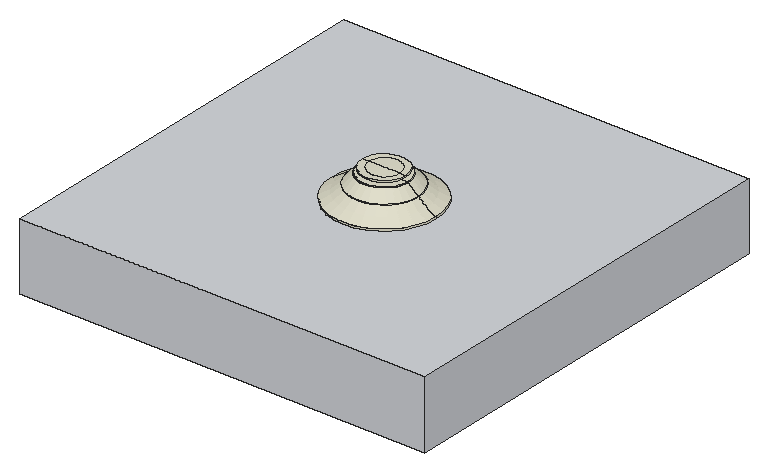
Revit family "FST-951-IV.BIM", category Fire Alarm Devices, host Face, Revit 2020 (continued)
Lines and regions (in)
  symbolic lines, style "0", visible <- "Puck_Ceiling", not visible
    curve 573: arc (-7.40824, 0, 1.69596) -> (-7.85767, 0, 1.6895) -> (-8.30672, 0, 1.67013) r 15.63962
    curve 574: arc (-5.9519, 0, 1.35952) -> (-5.68707, 0, 1.07567) -> (-5.40168, 0, 0.8125) r 5.16892
    curve 575: arc (-6.50976, 0, 1.67013) -> (-6.95882, 0, 1.6895) -> (-7.40824, 0, 1.69596) r 15.63962
    curve 576: line (-5.9519, 0, 1.35952) -> (-6.00295, 0, 1.35952)
    curve 577: line (-6.00295, 0, 1.35952) -> (-6.00295, 0, 1.39297)
    curve 578: line (-6.00295, 0, 1.39297) -> (-7.40824, 0, 1.39297)
    curve 579: line (-7.40824, 0, 1.39297) -> (-8.81353, 0, 1.39297)
    curve 580: line (-8.81353, 0, 1.39297) -> (-8.81353, 0, 1.35952)
    curve 581: line (-8.81353, 0, 1.35952) -> (-8.86458, 0, 1.35952)
    curve 582: line (-7.13967, 0, 1.39297) -> (-7.13967, 0, 1.58784)
    curve 583: line (-7.13967, 0, 1.58784) -> (-6.13131, 0, 1.58784)
    curve 584: line (-6.13131, 0, 1.58784) -> (-6.13131, 0, 1.67013)
    curve 585: line (-6.13131, 0, 1.67013) -> (-6.50976, 0, 1.67013)
    curve 586: line (-6.50976, 0, 1.67013) -> (-8.30672, 0, 1.67013)
    curve 587: line (-8.30672, 0, 1.67013) -> (-8.68518, 0, 1.67013)
    curve 588: line (-8.68518, 0, 1.67013) -> (-8.68518, 0, 1.58784)
    curve 589: line (-8.68518, 0, 1.58784) -> (-7.67681, 0, 1.58784)
    curve 590: line (-7.67681, 0, 1.58784) -> (-7.67681, 0, 1.39297)
    curve 591: line (-7.40824, 0, 0) -> (-9.4148, 0, 0)
    curve 592: line (-9.4148, 0, 0) -> (-9.4148, 0, 0.8125)
    curve 593: line (-9.4148, 0, 0.8125) -> (-5.40168, 0, 0.8125)
    curve 594: line (-5.40168, 0, 0.8125) -> (-5.40168, 0, 0)
    curve 595: line (-5.40168, 0, 0) -> (-7.40824, 0, 0)
    curve 596: line (-8.81353, 0, 1.35952) -> (-6.00295, 0, 1.35952)
    curve 597: line (-7.67681, 0, 1.58784) -> (-7.13967, 0, 1.58784)
Dimensions and locks (in)
  "Base Thickness": plane 4 "Base Depth" to Extrusion 1
  plane 4 "Base Depth" to Extrusion 1 = 0' - 0 7/8"
  aligned and locked: plane 2 to Extrusion 1
  aligned and locked: level to Extrusion 1
Nested families (in)
  nested 1: "Detector Head-Select_Series" at (-0.00157, -0.00039, 0.875), type "Detector_Ivory"
  nested 2: "DetectorBase-Select_Series" at (-0.00157, -0.00039, 0), type <- "Base Select", type "Flanged Base"
  nested 3: "Heat Det Annot 0" at (0.00532, 0, 0), type "Heat Det Annot 0"
Connectors (in)
  electrical at (0, 0, 0), driven by "Main Electrical Connection"
    settings: index 1, voltage 0 V, apparent load 0 VA, apparent load phase1 0 VA, apparent load phase2 0 VA, apparent load phase3 0 VA, power factor 1, load classification "Other", number of poles 1, system type 11, power factor state 1, is connector primary yes, connector utility no, sub classification motor no, connector description "Signaling Line Circuit"
Definition of nested family "Detector Head-Select_Series"
  Parameters
    URL = ""
    Mounting Requirements = ""
    Model = ""
    Manufacturer = ""
    Finish = none
    Description = ""
    Default Elevation = 4' - 0"
    Assembly Code = ""
  Reference planes (in)
    plane 1 "Center (Front/Back)": y = 0
    plane 2: z = 0
    plane 3 "Center (Left/Right)": x = 0
  Forms (in)
    Extrusion 1, solid
      sketch origin (0, 0, 0) x (1, 0, 0) y (0, 1, 0)
        loop
          line (-48, 48) -> (-48, -48) -> (48, -48) -> (48, 48) -> (-48, 48)
      from 0 to -12
    Revolve 2, solid, material <- "Finish"
      sketch origin (11.31755, 0, -3.91382) x (1, 0, 0) y (0, 0, 1)
        loop
          line (-12.72282, 4.44512) -> (-12.72282, 4.41168) -> (-12.77387, 4.41168)
          arc (-12.77387, 4.41168) -> (-13.03907, 4.12793) -> (-13.32282, 3.86273) r 5.75114
          line (-13.32282, 3.86273) -> (-13.32282, 3.09363) -> (-11.31753, 3.09363) -> (-11.31753, 4.74811)
          arc (-11.31753, 4.74811) -> (-11.76696, 4.74165) -> (-12.21601, 4.72228) r 15.63962
          line (-12.21601, 4.72228) -> (-12.59447, 4.72228) -> (-12.59447, 4.63999) -> (-11.5861, 4.63999) -> (-11.5861, 4.44512) -> (-12.72282, 4.44512)
        axis (-11.31753, 3.09363) -> (-11.31753, 4.74811)
      angle from 0 to 360
  Dimensions and locks (in)
    aligned and locked: plane 2 to Extrusion 1
    aligned and locked: level to Extrusion 1
Definition of nested family "DetectorBase-Select_Series"
  Parameters
    URL = ""
    Speciality Base = no
    Mounting Requirements = ""
    Model = ""
    Manufacturer = ""
    Flanged Base = yes
    Finish = none
    Description = ""
    Default Elevation = 4' - 0"
    Assembly Code = ""
  Reference planes (in)
    plane 1 "Center (Front/Back)": y = 0
    plane 2: z = 0
    plane 3 "Center (Left/Right)": x = 0
  Forms (in)
    Extrusion 1, solid
      sketch origin (0, 0, 0) x (1, 0, 0) y (0, 1, 0)
        loop
          line (-48, 48) -> (-48, -48) -> (48, -48) -> (48, 48) -> (-48, 48)
      from 0 to -12
    Revolve 2, solid, material <- "Finish", visible <- "Flanged Base"
      sketch origin (10.1757, 0, -4.73001) x (1, 0, 0) y (0, 0, 1)
        loop
          line (-10.17413, 4.73142) -> (-10.17413, 4.76939) -> (-12.19488, 4.76939) -> (-12.19488, 5.52812)
          arc (-12.19488, 5.52812) -> (-12.69964, 5.14949) -> (-13.24713, 4.8358) r 5.12142
          line (-13.24713, 4.8358) -> (-13.24713, 4.73142) -> (-10.17413, 4.73142)
        axis (-10.17413, 4.73142) -> (-10.17413, 5.52812)
      angle from 0 to 360
    Revolve 3, solid, material <- "Finish", visible <- "Speciality Base"
      sketch origin (-10.17836, 0, -38.5625) x (1, 0, 0) y (0, 0, 1)
        loop
          line (10.17836, 40.16685) -> (8.05865, 40.16685)
          arc (8.05865, 40.16685) -> (7.49601, 40.03864) -> (6.96355, 39.8162) r 3.36539
          line (6.96355, 39.8162) -> (6.93052, 39.78336) -> (6.80794, 39.50159) -> (6.79953, 39.44646) -> (6.74837, 38.55197) -> (10.17836, 38.55197) -> (10.17836, 40.16685)
        axis (10.17836, 38.55197) -> (10.17836, 40.16685)
      angle from 0 to 360
    Extrusion 4, solid, material <- "Finish", visible <- "Speciality Base"
      sketch origin (5.39929, 5.52411, 0) x (0, -1, 0) y (1, 0, 0)
        loop
          arc (6.3838, -2.07952) -> (5.52411, -1.96996) -> (4.66443, -2.07952) r 3.42775
          arc (4.66443, -2.07952) -> (4.34734, -3.07672) -> (3.798, -3.96733) r 4.28478
          arc (3.798, -3.96733) -> (3.4152, -4.63747) -> (3.28235, -5.39771) r 2.24176
          line (3.28235, -5.39771) -> (3.51444, -5.39771)
          arc (3.51444, -5.39771) -> (5.5249, -3.38962) -> (7.53378, -5.39929) r 2.00967
          line (7.53378, -5.39929) -> (7.76587, -5.39929)
          arc (7.76587, -5.39929) -> (7.63329, -4.63821) -> (7.25022, -3.96733) r 2.24176
          arc (7.25022, -3.96733) -> (6.70088, -3.07672) -> (6.3838, -2.07952) r 4.28478
      from 0 to 1.64949
    Extrusion 5, void
      sketch origin (0, 0, 0) x (1, 0, 0) y (0, 0, 1)
        loop
          arc (2.12173, 1.6356) -> (2.69391, 1.50795) -> (3.23363, 1.27907) r 3.23278
          line (3.23363, 1.27907) -> (3.27393, 1.23877) -> (3.4007, 0.94783) -> (3.40994, 0.88722) -> (3.42975, 0) -> (3.59572, 0) -> (3.59572, 2.1356) -> (0, 2.1356) -> (0, 1.6356) -> (2.12173, 1.6356)
      from -2.33358 to 2.3403
    Extrusion 6, solid, material <- "Finish", visible <- "Speciality Base"
      sketch origin (-5.39929, 5.52411, 0) x (0, -1, 0) y (1, 0, 0)
        loop
          arc (6.3838, 2.07952) -> (6.70088, 3.07672) -> (7.25022, 3.96733) r 4.28478
          arc (7.25022, 3.96733) -> (7.63329, 4.63821) -> (7.76587, 5.39929) r 2.24176
          line (7.76587, 5.39929) -> (7.53378, 5.39929)
          arc (7.53378, 5.39929) -> (5.5249, 3.38962) -> (3.51444, 5.39771) r 2.00967
          line (3.51444, 5.39771) -> (3.28235, 5.39771)
          arc (3.28235, 5.39771) -> (3.4152, 4.63747) -> (3.798, 3.96733) r 2.24176
          arc (3.798, 3.96733) -> (4.34734, 3.07672) -> (4.66443, 2.07952) r 4.28478
          arc (4.66443, 2.07952) -> (5.52411, 1.96996) -> (6.3838, 2.07952) r 3.42775
      from 0 to 1.64949
    Extrusion 7, void
      sketch origin (0, 0, 0) x (-1, 0, 0) y (0, 0, -1)
        loop
          line (2.12173, -1.6356) -> (0, -1.6356) -> (0, -2.1356) -> (3.59572, -2.1356) -> (3.59572, 0) -> (3.42975, 0) -> (3.40994, -0.88722) -> (3.4007, -0.94783) -> (3.27393, -1.23877) -> (3.23363, -1.27907)
          arc (3.23363, -1.27907) -> (2.69391, -1.50795) -> (2.12173, -1.6356) r 3.23278
      from -2.33358 to 2.3403
  Cuts and joins
    Extrusion 5, Extrusion 7 cuts Extrusion 4
    Extrusion 7 cuts Extrusion 6
  Dimensions and locks (in)
    aligned and locked: plane 2 to Extrusion 1
    aligned and locked: level to Extrusion 1
Definition of nested family "Heat Det Annot 0"
  Parameters
    Spare = ""
    SYMBOLTEXT = ""
    Haz = ""
    Det Type = "PT"
    Base Type = "RB"
  Reference planes (in)
    plane 1: y = 0
    plane 2: x = 0
  Lines and regions (in)
    detail lines
      curve 1: line (-0.03964, 0.08684, 0) -> (0.04459, 0.08684, 0)
      curve 2: line (0.04459, 0.08684, 0) -> (0.08801, 0, 0)
      curve 3: line (0.08801, 0, 0) -> (0.04466, -0.08508, 0)
      curve 4: line (0.04466, -0.08508, 0) -> (-0.04134, -0.08508, 0)
      curve 5: line (-0.04134, -0.08508, 0) -> (-0.08388, 0, 0)
      curve 6: line (-0.08388, 0, 0) -> (-0.03964, 0.08684, 0)
  Text (in)
    label "Det Type" at (0.09786, -0.08892, 0), shows "Det Type"
    label "Haz" at (-0.14233, 0.11278, 0), shows "Haz"
    label "Base Type\nSpare" at (-0.10511, -0.14827, 0), shows "Base Type", "Spare"
Types (18): name | Standard_Ceiling | Standard Base | Speciality_Ceiling | Specality Base | Puck_Ceiling | Puck Base | Model | Height | Finish | Diameter | Description | Base Thickness | Base Select | Base Label
  Detector_with_Flanged_Base_White | yes | yes | no | no | no | no | "FST-951/B300-6" | 0' - 1 11/16" | Plastic_Notifier_White | 0' - 6" | "Intelligent Plug-In Heat Detector-Fixed Temp Detector / Flanged Mounting Base" | 0' - 0 7/8" | DetectorBase-Select_Series : Flanged Base | ""
  Detector_with_Flanged_Base_Ivory | yes | yes | no | no | no | no | "FST-951-IV/B300-6-IV" | 0' - 1 11/16" | Plastic_Notifier_Ivory | 0' - 6" | "Intelligent Plug-In Heat Detector-Fixed Temp Detector / Flanged Mounting Base" | 0' - 0 7/8" | DetectorBase-Select_Series : Flanged Base | ""
  Detector_with_Flanged_Base_Black | yes | yes | no | no | no | no | "FST-951/B300-6/CK300-BL" | 0' - 1 11/16" | Plastic_Notifier_Black | 0' - 6" | "Intelligent Plug-In Heat Detector-Fixed Temp Detector / Flanged Mounting Base/Color Kit" | 0' - 0 7/8" | DetectorBase-Select_Series : Flanged Base | ""
  Detector_with_Isolator_Base_White | no | no | yes | yes | no | no | "FST-951/B224BI" | 0' - 2 9/16" | Plastic_Notifier_White | 0' - 6 7/8" | "Intelligent Plug-In Heat Detector-Fixed Temp Detector / Isolator Base" | 0' - 1 11/16" | DetectorBase-Select_Series : Speciality Base | "IB"
  Detector_with_Isolator_Base_Ivory | no | no | yes | yes | no | no | "FST-951-IV/B224BI-IV" | 0' - 2 9/16" | Plastic_Notifier_Ivory | 0' - 6 7/8" | "Intelligent Plug-In Heat Detector-Fixed Temp Detector / Isolator Base" | 0' - 1 11/16" | DetectorBase-Select_Series : Speciality Base | "IB"
  Detector_with_Puck_Base_White | no | no | no | no | yes | yes | "FST-951/B501" | 0' - 1 11/16" | Plastic_Notifier_White | 0' - 4" | "Intelligent Plug-In Heat Detector-Fixed Temp Detector / 4\" Mounting Base" | 0' - 0 7/8" | DetectorBase-Select_Series : Puck Base | "4\""
  Detector_with_Puck_Base_Ivory | no | no | no | no | yes | yes | "FST-951-IV/B501-IV" | 0' - 1 11/16" | Plastic_Notifier_Ivory | 0' - 4" | "Intelligent Plug-In Heat Detector-Fixed Temp Detector / 4\" Mounting Base" | 0' - 0 7/8" | DetectorBase-Select_Series : Puck Base | "4\""
  Detector_with_Puck_Base_Black | no | no | no | no | yes | yes | "FST-951/B501-BL/CK300-BL" | 0' - 1 11/16" | Plastic_Notifier_Black | 0' - 4" | "Intelligent Plug-In Heat Detector-Fixed Temp Detector / 4\" Mounting Base/Color Kit" | 0' - 0 7/8" | DetectorBase-Select_Series : Puck Base | "4\""
  Detector_with_Relay_Base_White | no | no | yes | yes | no | no | "FST-951/B224RB" | 0' - 2 9/16" | Plastic_Notifier_White | 0' - 6 7/8" | "Intelligent Plug-In Heat Detector-Fixed Temp Detector / Relay Base" | 0' - 1 11/16" | DetectorBase-Select_Series : Speciality Base | "RB"
  Detector_with_Relay_Base_Ivory | no | no | yes | yes | no | no | "FST-951-IV/B224RB-IV" | 0' - 2 9/16" | Plastic_Notifier_Ivory | 0' - 6 7/8" | "Intelligent Plug-In Heat Detector-Fixed Temp Detector / Relay Base" | 0' - 1 11/16" | DetectorBase-Select_Series : Speciality Base | "RB"
  Detector_with_Sounder_Base_White | no | no | yes | yes | no | no | "FST-951/B200SR" | 0' - 2 9/16" | Plastic_Notifier_White | 0' - 6 7/8" | "Intelligent Plug-In Heat Detector-Fixed Temp Detector / Sounder Base" | 0' - 1 11/16" | DetectorBase-Select_Series : Speciality Base | "SB"
  Detector_with_Sounder_Base_Ivory | no | no | yes | yes | no | no | "FST-951-IV/B200SR-IV" | 0' - 2 9/16" | Plastic_Notifier_Ivory | 0' - 6 7/8" | "Intelligent Plug-In Heat Detector-Fixed Temp Detector / Sounder Base" | 0' - 1 11/16" | DetectorBase-Select_Series : Speciality Base | "SB"
  Detector_with_Low_Freq_Sounder_Base_White | no | no | yes | yes | no | no | "FST-951/B200SR-LF" | 0' - 2 9/16" | Plastic_Notifier_White | 0' - 6 7/8" | "Intelligent Plug-In Heat Detector-Fixed Temp Detector / Low Freq Sounder Base" | 0' - 1 11/16" | DetectorBase-Select_Series : Speciality Base | "LF"
  Detector_with_Low_Freq_Sounder_Base_Ivory | no | no | yes | yes | no | no | "FST-951-IV/B200SR-LF-IV" | 0' - 2 9/16" | Plastic_Notifier_Ivory | 0' - 6 7/8" | "Intelligent Plug-In Heat Detector-Fixed Temp Detector / Low Freq Sounder Base" | 0' - 1 11/16" | DetectorBase-Select_Series : Speciality Base | "LF"
  Detector_with_Low_Freq_Sync_Sounder_Base_Ivory | no | no | yes | yes | no | no | "FST-951-IV/B200S-LF-IV" | 0' - 2 9/16" | Plastic_Notifier_Ivory | 0' - 6 7/8" | "Intelligent Plug-In Heat Detector-Fixed Temp Detector / Low Freq Sounder Base" | 0' - 1 11/16" | DetectorBase-Select_Series : Speciality Base | "LF"
  Detector_with_Low_Freq_Sync_Sounder_Base_White | no | no | yes | yes | no | no | "FST-951/B200S-LF" | 0' - 2 9/16" | Plastic_Notifier_White | 0' - 6 7/8" | "Intelligent Plug-In Heat Detector-Fixed Temp Detector / Low Freq Sounder Base" | 0' - 1 11/16" | DetectorBase-Select_Series : Speciality Base | "LF"
  Detector_with_Sync_Sounder_Base_Ivory | no | no | yes | yes | no | no | "FST-951-IV/B200S-IV" | 0' - 2 9/16" | Plastic_Notifier_Ivory | 0' - 6 7/8" | "Intelligent Plug-In Heat Detector-Fixed Temp Detector / Sounder Base" | 0' - 1 11/16" | DetectorBase-Select_Series : Speciality Base | "SB"
  Detector_with_Sync_Sounder_Base_White | no | no | yes | yes | no | no | "FST-951/B200S" | 0' - 2 9/16" | Plastic_Notifier_White | 0' - 6 7/8" | "Intelligent Plug-In Heat Detector-Fixed Temp Detector / Sounder Base" | 0' - 1 11/16" | DetectorBase-Select_Series : Speciality Base | "SB"
